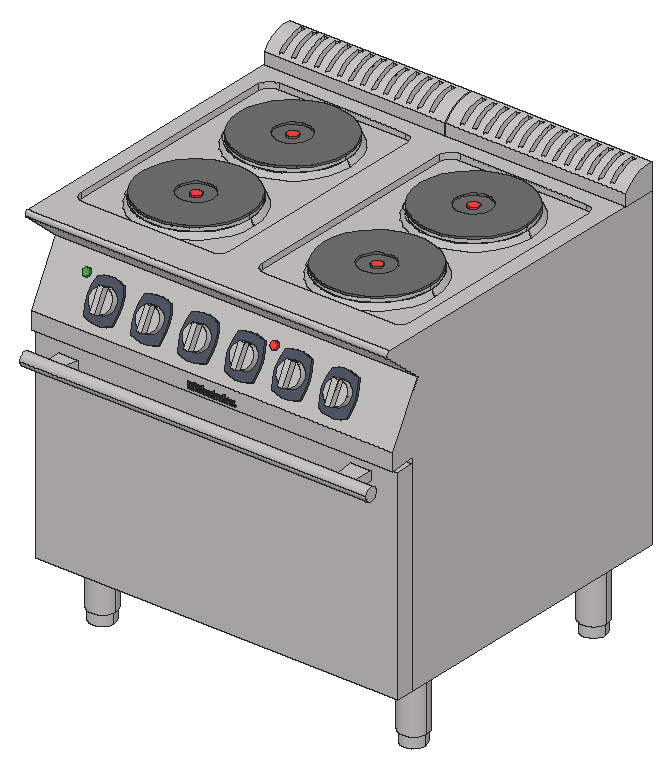
Revit family "QF_ELECTROLUXPROFESSIONAL_371148_E7ECMH4RE5", category Specialty Equipment, Revit 2018 (continued)
Automatic sketch dimensions
  Extrusion 10 sketch curve to Extrusion 10 sketch curve = 0.191 mm
  Extrusion 10 sketch curve to Extrusion 10 sketch curve = 3.696 mm
  Extrusion 10 sketch curve to Extrusion 10 sketch curve = 2.708 mm
  Extrusion 10 sketch curve to Extrusion 10 sketch curve = 3.333 mm
  Extrusion 10 sketch curve to Extrusion 10 sketch curve = 0.332 mm
  Extrusion 10 sketch curve to Extrusion 10 sketch curve = 1.087 mm
  Extrusion 10 sketch curve to Extrusion 10 sketch curve = 2.23 mm
  Extrusion 10 sketch curve to Extrusion 10 sketch curve = 2.757 mm
  Extrusion 10 sketch curve to Extrusion 10 sketch curve = 0.987 mm
  Extrusion 10 sketch curve to Extrusion 10 sketch curve = 1.529 mm
  Extrusion 10 sketch curve to Extrusion 10 sketch curve = 1.796 mm
  Extrusion 10 sketch curve to Extrusion 10 sketch curve = 2.859 mm
  Extrusion 10 sketch curve to Extrusion 10 sketch curve = 0.853 mm
  Extrusion 10 sketch curve to Extrusion 10 sketch curve = 1.241 mm
  Extrusion 10 sketch curve to Extrusion 10 sketch curve = 2.046 mm  (x2)
  Extrusion 10 sketch curve to Extrusion 10 sketch curve = 2.422 mm
  Extrusion 10 sketch curve to Extrusion 10 sketch curve = 0.27 mm  (x2)
  Extrusion 10 sketch curve to Extrusion 10 sketch curve = 0.69 mm
  Extrusion 10 sketch curve to Extrusion 10 sketch curve = 0.781 mm  (x2)
  Extrusion 10 sketch curve to Extrusion 10 sketch curve = 3.136 mm
  Extrusion 10 sketch curve to Extrusion 10 sketch curve = 1.767 mm
  Extrusion 10 sketch curve to Extrusion 10 sketch curve = 0.138 mm
  Extrusion 10 sketch curve to Extrusion 10 sketch curve = 0.777 mm
  Extrusion 10 sketch curve to Extrusion 10 sketch curve = 1.19 mm
  Extrusion 10 sketch curve to Extrusion 10 sketch curve = 0.782 mm
  Extrusion 10 sketch curve to Extrusion 10 sketch curve = 1.268 mm
  Extrusion 10 sketch curve to Extrusion 10 sketch curve = 0.422 mm  (x2)
  Extrusion 10 sketch curve to Extrusion 10 sketch curve = 1.559 mm
  Extrusion 10 sketch curve to Extrusion 10 sketch curve = 3.927 mm
  Extrusion 10 sketch curve to Extrusion 10 sketch curve = 0.983 mm
  Extrusion 10 sketch curve to Extrusion 10 sketch curve = 1.134 mm
  Extrusion 10 sketch curve to Extrusion 10 sketch curve = 0.094 mm
  Extrusion 10 sketch curve to Extrusion 10 sketch curve = 1.584 mm
  Extrusion 10 sketch curve to plane 7 "Center Y" = 1.327 mm
  Extrusion 10 sketch curve to Extrusion 10 sketch curve = 0.643 mm
  Extrusion 10 sketch curve to Extrusion 10 sketch curve = 0.916 mm
  Extrusion 10 sketch curve to Extrusion 10 sketch curve = 0.352 mm
  Extrusion 10 sketch curve to Extrusion 10 sketch curve = 0.458 mm
  Extrusion 10 sketch curve to Extrusion 10 sketch curve = 1.282 mm
  Extrusion 10 sketch curve to Extrusion 10 sketch curve = 1.363 mm
  Extrusion 10 sketch curve to Extrusion 10 sketch curve = 0.685 mm
  Extrusion 10 sketch curve to Extrusion 10 sketch curve = 0.905 mm
  Extrusion 10 sketch curve to Extrusion 10 sketch curve = 2.865 mm
  Extrusion 10 sketch curve to Extrusion 10 sketch curve = 0.472 mm
  Extrusion 10 sketch curve to Extrusion 10 sketch curve = 0.101 mm
  Extrusion 10 sketch curve to Extrusion 10 sketch curve = 0.54 mm
  Extrusion 10 sketch curve to Extrusion 10 sketch curve = 0.02 mm
  Extrusion 10 sketch curve to Extrusion 10 sketch curve = 0.468 mm
  Extrusion 10 sketch curve to Extrusion 10 sketch curve = 0.829 mm
  Extrusion 10 sketch curve to Extrusion 10 sketch curve = 0.582 mm
  Extrusion 10 sketch curve to Extrusion 10 sketch curve = 0.166 mm
  Extrusion 10 sketch curve to Extrusion 10 sketch curve = 0.16 mm
  Extrusion 10 sketch curve to Extrusion 10 sketch curve = 2.781 mm
  Extrusion 10 sketch curve to Extrusion 10 sketch curve = 1.118 mm
  Extrusion 10 sketch curve to Extrusion 10 sketch curve = 0.613 mm
  Extrusion 10 sketch curve to Extrusion 10 sketch curve = 0.361 mm
  Extrusion 10 sketch curve to Extrusion 10 sketch curve = 0.897 mm
  Extrusion 10 sketch curve to Extrusion 10 sketch curve = 0.167 mm
  Extrusion 10 sketch curve to Extrusion 10 sketch curve = 0.292 mm
  Extrusion 10 sketch curve to Extrusion 10 sketch curve = 0.305 mm
  Extrusion 10 sketch curve to Extrusion 10 sketch curve = 1.557 mm
  Extrusion 10 sketch curve to Extrusion 10 sketch curve = 2.499 mm
  Extrusion 10 sketch curve to Extrusion 10 sketch curve = 3.062 mm
  Extrusion 10 sketch curve to Extrusion 10 sketch curve = 2.968 mm
  Extrusion 10 sketch curve to Extrusion 10 sketch curve = 5.044 mm
  Extrusion 10 sketch curve to Extrusion 10 sketch curve = 0.629 mm  (x2)
  Extrusion 10 sketch curve to Extrusion 10 sketch curve = 1.131 mm
  Extrusion 10 sketch curve to Extrusion 10 sketch curve = 0.027 mm
  Extrusion 10 sketch curve to Extrusion 10 sketch curve = 2.235 mm
  Extrusion 1 sketch curve to plane 5 "FRONT" = 83.331 mm
  Extrusion 16 sketch curve to plane 10 = 0 mm
  Extrusion 16 sketch curve to plane 5 "FRONT" = 30.162 mm
  plane 10 to Extrusion 16 sketch curve = 1.281 mm
  plane 5 "FRONT" to Extrusion 16 sketch curve = 379.413 mm
  Extrusion 1 sketch curve to Extrusion 1 sketch curve = 159.719 mm
  Extrusion 1 sketch curve to Extrusion 1 sketch curve = 5.61 mm
  Extrusion 8 sketch curve to plane 9 "TOP A" = 276.291 mm
  plane 7 "Center Y" to Extrusion 10 sketch curve = 19.326 mm
  Extrusion 10 sketch curve to plane 9 "TOP A" = 240.749 mm
  Extrusion 10 sketch curve to Extrusion 10 sketch curve = 0.019 mm
  Extrusion 10 sketch curve to Extrusion 10 sketch curve = 4.098 mm
  Extrusion 16 sketch curve to Extrusion 16 sketch curve = 42.109 mm
  plane 5 "FRONT" to Extrusion 2 sketch curve = 0 mm  (x2)
  plane 1 "BACK" to Extrusion 2 sketch curve = 0 mm
  Extrusion 2 sketch curve to plane 3 "LEFT" = 0 mm
  Extrusion 2 sketch curve to plane 4 "RIGHT" = 0 mm
  Extrusion 2 sketch curve to plane 3 "LEFT" = 150.019 mm
  plane 4 "RIGHT" to Extrusion 2 sketch curve = 150.019 mm
  Extrusion 2 sketch curve to plane 1 "BACK" = 150.019 mm
  curve 6 to plane 4 "RIGHT" = 0 mm
  plane 5 "FRONT" to curve 20 = 0 mm
  curve 38 to plane 7 "Center Y" = 0 mm
  curve 16 to plane 7 "Center Y" = 0 mm
  curve 11 to plane 3 "LEFT" = 0 mm
  curve 7 to plane 3 "LEFT" = 0 mm
  plane 1 "BACK" to curve 6 = 0 mm
  plane 4 "RIGHT" to curve 3 = 150.019 mm
  plane 5 "FRONT" to curve 17 = 8.513 mm
  curve 17 to plane 4 "RIGHT" = 17.7 mm
  plane 1 "BACK" to curve 96 = 6.761 mm
  curve 96 to plane 4 "RIGHT" = 29.703 mm
  curve 32 to plane 4 "RIGHT" = 35.025 mm
  curve 95 to curve 95 = 9.296 mm
  plane 1 "BACK" to curve 99 = 6.761 mm
  curve 95 to curve 99 = 16.193 mm
  curve 33 to curve 33 = 25.4 mm
  curve 31 to curve 30 = 25.4 mm
  curve 15 to curve 20 = 43.281 mm
  curve 100 to curve 101 = 9.296 mm
  curve 101 to curve 105 = 16.193 mm
  curve 104 to curve 105 = 9.296 mm
  curve 20 to curve 21 = 36.854 mm
  curve 21 to curve 21 = 1.571 mm
  plane 1 "BACK" to curve 107 = 6.761 mm
  curve 103 to curve 107 = 16.193 mm
  curve 108 to curve 109 = 9.296 mm
  plane 1 "BACK" to curve 111 = 6.761 mm
  curve 107 to curve 111 = 16.193 mm
  curve 111 to curve 114 = 9.296 mm
  plane 1 "BACK" to curve 115 = 6.761 mm
  curve 111 to curve 115 = 16.193 mm
  curve 115 to curve 115 = 9.296 mm
  plane 1 "BACK" to curve 119 = 6.761 mm
  curve 115 to curve 119 = 16.193 mm
  curve 119 to curve 119 = 9.296 mm
  plane 1 "BACK" to curve 123 = 6.761 mm
  curve 119 to curve 123 = 16.193 mm
  curve 123 to curve 123 = 9.296 mm
  curve 125 to curve 128 = 16.193 mm
  curve 128 to curve 129 = 9.296 mm
  curve 129 to curve 133 = 16.193 mm
  curve 132 to curve 133 = 9.296 mm
  plane 1 "BACK" to curve 135 = 6.761 mm
  curve 131 to curve 135 = 16.193 mm
  curve 135 to curve 138 = 9.296 mm
  curve 137 to curve 141 = 16.193 mm
  curve 140 to curve 141 = 9.296 mm
  curve 141 to curve 144 = 16.193 mm
  curve 144 to curve 37 = 4.062 mm
  plane 7 "Center Y" to curve 34 = 60.425 mm
  curve 143 to curve 143 = 9.296 mm
  plane 1 "BACK" to curve 147 = 6.761 mm
  curve 143 to curve 147 = 16.193 mm
  curve 35 to curve 35 = 25.4 mm
  curve 148 to curve 150 = 9.296 mm
  plane 1 "BACK" to curve 91 = 6.761 mm
  curve 91 to plane 7 "Center Y" = 29.703 mm
  curve 24 to plane 7 "Center Y" = 35.025 mm
  curve 91 to curve 91 = 9.296 mm
  plane 1 "BACK" to curve 90 = 6.761 mm
  curve 91 to curve 90 = 16.193 mm
  curve 23 to curve 23 = 25.4 mm
  curve 25 to curve 25 = 25.4 mm
  curve 89 to curve 89 = 9.296 mm
  plane 1 "BACK" to curve 83 = 6.761 mm
  curve 87 to curve 83 = 16.193 mm
  curve 85 to curve 85 = 9.296 mm
  plane 1 "BACK" to curve 79 = 6.761 mm
  curve 83 to curve 79 = 16.193 mm
  curve 79 to curve 80 = 9.296 mm
  plane 1 "BACK" to curve 78 = 6.761 mm
  curve 79 to curve 78 = 16.193 mm
  curve 75 to curve 76 = 9.296 mm
  curve 76 to curve 73 = 16.193 mm
  curve 71 to curve 72 = 9.296 mm
  curve 72 to curve 70 = 16.193 mm
  curve 69 to curve 68 = 9.296 mm
  curve 68 to curve 66 = 16.193 mm
  curve 65 to curve 64 = 9.296 mm
  curve 64 to curve 62 = 16.193 mm
  curve 61 to curve 60 = 9.296 mm
  plane 1 "BACK" to curve 58 = 6.761 mm
  curve 59 to curve 58 = 16.193 mm
  curve 57 to curve 56 = 9.296 mm
  plane 1 "BACK" to curve 54 = 6.761 mm
  curve 55 to curve 54 = 16.193 mm
  curve 53 to curve 52 = 9.296 mm
  curve 19 to curve 5 = 99.406 mm
  curve 19 to curve 19 = 1.571 mm
  plane 1 "BACK" to curve 50 = 6.761 mm
  curve 51 to curve 50 = 16.193 mm
  curve 47 to curve 47 = 9.296 mm
  curve 48 to curve 46 = 16.193 mm
  curve 19 to curve 18 = 36.854 mm
  curve 45 to curve 29 = 4.062 mm
  plane 3 "LEFT" to curve 26 = 60.425 mm
  curve 45 to curve 44 = 9.296 mm
  curve 44 to curve 41 = 16.193 mm
  curve 27 to curve 27 = 25.4 mm
  curve 41 to curve 41 = 9.296 mm
  plane 3 "LEFT" to curve 17 = 17.7 mm
  plane 5 "FRONT" to curve 1 = 1.377 mm
  curve 1 to plane 3 "LEFT" = 150.019 mm
  curve 1 to plane 1 "BACK" = 150.019 mm
  plane 1 "BACK" to curve 146 = 6.761 mm
  plane 1 "BACK" to curve 142 = 6.761 mm
  plane 1 "BACK" to curve 134 = 6.761 mm
  plane 1 "BACK" to curve 130 = 6.761 mm
  plane 1 "BACK" to curve 106 = 6.761 mm
  plane 1 "BACK" to curve 39 = 6.761 mm
  plane 1 "BACK" to curve 74 = 6.761 mm
  plane 1 "BACK" to curve 43 = 6.761 mm
  plane 1 "BACK" to curve 70 = 6.761 mm
  plane 1 "BACK" to curve 66 = 6.761 mm
  plane 1 "BACK" to curve 62 = 6.761 mm
  curve 38 to curve 16 = 63.012 mm
  curve 4 to curve 7 = 63.012 mm
  curve 55 to curve 58 = 57.15 mm
  curve 54 to curve 56 = 0 mm
  curve 57 to curve 60 = 0 mm
  curve 50 to curve 52 = 0 mm
  curve 61 to curve 64 = 0 mm
  curve 46 to curve 48 = 0 mm
  curve 65 to curve 68 = 0 mm
  curve 42 to curve 44 = 0 mm
  curve 69 to curve 72 = 0 mm
  curve 16 to curve 149 = 0.898 mm
  curve 73 to curve 76 = 0 mm
  curve 148 to curve 146 = 0 mm
  curve 77 to curve 80 = 0 mm
  curve 144 to curve 142 = 0 mm
  curve 81 to curve 84 = 0 mm
  curve 140 to curve 138 = 0 mm
  curve 85 to curve 88 = 0 mm
  curve 136 to curve 134 = 0 mm
  curve 89 to curve 92 = 0 mm
  curve 132 to curve 130 = 0 mm
  curve 95 to curve 96 = 57.15 mm
  curve 100 to curve 97 = 0 mm
  curve 128 to curve 126 = 0 mm
  curve 104 to curve 101 = 0 mm
  curve 124 to curve 122 = 0 mm
  curve 108 to curve 105 = 0 mm
  curve 120 to curve 118 = 0 mm
  curve 112 to curve 109 = 0 mm
  curve 96 to curve 9 = 5.939 mm
  curve 7 to curve 9 = 0 mm
  curve 144 to curve 30 = 40.974 mm
  curve 45 to curve 22 = 40.974 mm
  curve 28 to plane 5 "FRONT" = 110.765 mm
  curve 24 to curve 36 = 0 mm
  plane 5 "FRONT" to curve 3 = 1.377 mm
  curve 15 to curve 15 = 28 mm
  curve 14 to curve 11 = 342.9 mm
  Revolve 4 sketch curve to level = 0 mm
  Revolve 4 sketch curve to plane 10 = 0 mm  (x2)
  level to Revolve 4 sketch curve = 25 mm
  Revolve 4 sketch curve to Revolve 4 sketch curve = 20 mm
  Revolve 4 sketch curve to plane 4 "RIGHT" = 26 mm
  Revolve 4 sketch curve to Revolve 4 sketch curve = 3.75 mm
  Revolve 4 sketch curve to Revolve 4 sketch curve = 30 mm
  Revolve 4 sketch curve to Revolve 4 sketch curve = 0 mm
  Revolve 6 sketch curve to level = 0 mm
  Revolve 6 sketch curve to plane 10 = 0 mm  (x2)
  level to Revolve 6 sketch curve = 25 mm
  plane 10 to Revolve 6 sketch curve = 20 mm
  Revolve 6 sketch curve to plane 4 "RIGHT" = 26 mm
  Revolve 6 sketch curve to Revolve 6 sketch curve = 3.75 mm
  Revolve 6 sketch curve to Revolve 6 sketch curve = 30 mm
  Revolve 6 sketch curve to Revolve 6 sketch curve = 0 mm
  Extrusion 9 sketch curve to plane 5 "FRONT" = 30.162 mm
  Extrusion 9 sketch curve to plane 4 "RIGHT" = 60.981 mm
  Extrusion 9 sketch curve to Extrusion 9 sketch curve = 33.993 mm
  Extrusion 9 sketch curve to Extrusion 9 sketch curve = 43.993 mm
  Extrusion 9 sketch curve to plane 5 "FRONT" = 17.462 mm
  plane 3 "LEFT" to Extrusion 9 sketch curve = 102.63 mm
  Extrusion 9 sketch curve to Extrusion 9 sketch curve = 7.656 mm
  Extrusion 9 sketch curve to Extrusion 9 sketch curve = 41.649 mm
  plane 5 "FRONT" to Extrusion 9 sketch curve = 24.013 mm  (x2)
  Extrusion 1 to Extrusion 11 sketch curve = 0 mm
  Extrusion 11 sketch curve to Extrusion 1 = 0 mm  (x2)
  Extrusion 1 to Extrusion 11 sketch curve = 12.7 mm
  Extrusion 1 to Extrusion 15 sketch curve = 40.417 mm
  Extrusion 1 to Extrusion 15 sketch curve = 85.751 mm
  Extrusion 32 sketch curve to plane 9 "TOP A" = 0 mm
  Extrusion 32 sketch curve to plane 1 "BACK" = 0 mm
  Extrusion 32 sketch curve to plane 6 "TOP" = 0 mm
  plane 1 "BACK" to Extrusion 32 sketch curve = 4.947 mm
  plane 9 "TOP A" to Extrusion 32 sketch curve = 25.4 mm
  plane 1 "BACK" to Extrusion 32 sketch curve = 69.85 mm
  Extrusion 1 to Extrusion 33 sketch curve = 6.761 mm  (x14)
  Extrusion 33 sketch curve to Extrusion 33 sketch curve = 57.15 mm
  Extrusion 33 sketch curve to Extrusion 33 sketch curve = 0 mm  (x13)
  Extrusion 1 to Extrusion 33 sketch curve = 29.703 mm
  Extrusion 33 sketch curve to Extrusion 33 sketch curve = 9.296 mm  (x14)
  Extrusion 33 sketch curve to Extrusion 33 sketch curve = 16.193 mm  (x13)
  Extrusion 1 to Extrusion 34 sketch curve = 35.025 mm
  Extrusion 34 sketch curve to Extrusion 34 sketch curve = 25.4 mm  (x6)
  Extrusion 34 sketch curve to Extrusion 34 sketch curve = 279.2 mm  (x2)
  Extrusion 34 sketch curve to Extrusion 1 = 103.443 mm
  Extrusion 34 sketch curve to Extrusion 34 sketch curve = 70.05 mm
  Extrusion 1 to Extrusion 34 sketch curve = 60.425 mm  (x2)
  Extrusion 34 sketch curve to Extrusion 1 = 78.043 mm
  Extrusion 1 to Extrusion 34 sketch curve = 130.285 mm
  Extrusion 34 sketch curve to Extrusion 34 sketch curve = 0 mm
  Extrusion 35 sketch curve to plane 9 "TOP A" = 0 mm
  Extrusion 35 sketch curve to plane 1 "BACK" = 0 mm
  Extrusion 35 sketch curve to plane 6 "TOP" = 0 mm
  plane 1 "BACK" to Extrusion 35 sketch curve = 4.947 mm
  plane 9 "TOP A" to Extrusion 35 sketch curve = 25.4 mm
  plane 1 "BACK" to Extrusion 35 sketch curve = 69.85 mm
  Extrusion 1 to Extrusion 36 sketch curve = 6.761 mm  (x14)
  Extrusion 36 sketch curve to Extrusion 36 sketch curve = 57.15 mm
  Extrusion 36 sketch curve to Extrusion 36 sketch curve = 0 mm  (x13)
  Extrusion 1 to Extrusion 36 sketch curve = 370.347 mm
  Extrusion 36 sketch curve to Extrusion 36 sketch curve = 9.296 mm  (x14)
  Extrusion 36 sketch curve to Extrusion 36 sketch curve = 16.193 mm  (x13)
  Extrusion 1 to Extrusion 37 sketch curve = 40.417 mm
  Extrusion 1 to Extrusion 37 sketch curve = 298.99 mm
  radius of Extrusion 13 sketch curve = 25.4 mm
  radius of Extrusion 14 sketch curve to Extrusion 13 = 0 mm  (x2)
  radius of Extrusion 18 sketch curve = 25.4 mm
  radius of Extrusion 19 sketch curve to Extrusion 18 = 0 mm  (x2)
  radius of Extrusion 21 sketch curve = 25.4 mm
  radius of Extrusion 22 sketch curve to Extrusion 21 = 0 mm  (x2)
  radius of Extrusion 24 sketch curve = 25.4 mm
  radius of Extrusion 25 sketch curve to Extrusion 24 = 0 mm  (x2)
  radius of Extrusion 27 sketch curve = 25.4 mm
  radius of Extrusion 28 sketch curve to Extrusion 27 = 0 mm  (x2)
  radius of Extrusion 30 sketch curve = 25.4 mm
  radius of Extrusion 31 sketch curve to Extrusion 30 = 0 mm  (x2)
  radius of Extrusion 8 sketch curve = 14 mm
  radius of Extrusion 7 sketch curve = 12.7 mm
  radius of Extrusion 15 sketch curve = 8 mm
  radius of Extrusion 37 sketch curve = 8 mm
Nested families
  nested 1: "371128_QF_Electrolux_HOT PLATES" at (72.525, -113.898, 838.3), type "371128_QF_Electrolux_HOT PLATES"
    with Type Mark "", Specification by User "", Revision Code "", Item Number "", Installed By "", Identify Quantity as Lot yes, Furnished By "", Foodservice Equipment Identifier yes
  nested 2: "371128_QF_Electrolux_HOT PLATES" at (72.525, -635.872, 838.3), type "371128_QF_Electrolux_HOT PLATES"
    with Type Mark "", Specification by User "", Revision Code "", Item Number "", Installed By "", Identify Quantity as Lot yes, Furnished By "", Foodservice Equipment Identifier yes
  nested 3: "371128_QF_Electrolux_HOT PLATES" at (727.575, -113.898, 838.3) x (-1, 0, 0) z (0, 0, 1), type "371128_QF_Electrolux_HOT PLATES"
    with Type Mark "", Specification by User "", Revision Code "", Item Number "", Installed By "", Identify Quantity as Lot yes, Furnished By "", Foodservice Equipment Identifier yes
  nested 4: "371128_QF_Electrolux_HOT PLATES" at (727.575, -635.872, 838.3) x (-1, 0, 0) z (0, 0, 1), type "371128_QF_Electrolux_HOT PLATES"
    with Type Mark "", Specification by User "", Revision Code "", Item Number "", Installed By "", Identify Quantity as Lot yes, Furnished By "", Foodservice Equipment Identifier yes
Connectors
  electrical at (752.475, -512.762, 150), driven by "Volts"
    settings: on Extrusion 7, index 1, voltage 400 V, apparent load 16400 VA, apparent load phase1 0 VA, apparent load phase2 0 VA, apparent load phase3 0 VA, power factor 1, load classification "Other", number of poles 1, system type 30, power factor state 1, is connector primary yes, connector utility no, sub classification motor no, connector description "Electrical Connection"
Definition of nested family "371128_QF_Electrolux_HOT PLATES"
  Parameters
    Width = 255 mm  # constant formula
    Weight in Pounds = 0
    URL Cutsheet = ""
    URL = ""
    Type Mark [instance] = ""
    Specification by User [instance] = ""
    Specification by Manufacturer = ""
    Serial Number = ""
    Seismic Rating = ""
    SMACNA No = ""
    Revision Code [instance] = ""
    Omniclass Number and Title = ""
    NAFEM Spec ID Number = ""
    Model = ""
    Masterspec = ""
    Manufacturer = ""
    Item Number [instance] = ""
    Installed By [instance] = ""
    Identify Quantity as Lot [instance] = yes
    Height = 23 mm  # constant formula
    Furnished By [instance] = ""
    Foodservice Equipment Identifier [instance] = yes
    Description = ""
    Depth = 255 mm  # constant formula
    CSI MasterFormat = ""
    CSI Master Format = ""
    Assembly Code = ""
  Reference planes
    plane 1 "BACK": y = 0
    plane 2: z = 0
    plane 3 "LEFT": x = 0
    plane 4 "RIGHT": x = 255
    plane 5 "FRONT": y = -255
    plane 6 "TOP": z = 23
    plane 7 "Center Y": x = 127.5
    plane 8 "Center X": y = -127.5
  Forms (mm)
    Extrusion 1, solid
      sketch origin (-72.525, 113.875, 19.181) x (1, 0, 0) y (0, 1, 0)
        loop
          circle (200.025, -241.375) r 117.925
        loop
          circle (200.025, -241.375) r 38.208
      from 0 to 3.819
    Extrusion 2, solid
      sketch origin (-72.525, 113.875, 19.181) x (1, 0, 0) y (0, 1, 0)
        loop
          circle (200.025, -241.375) r 11.669
      from 0 to 1.964
    Extrusion 3, solid
      sketch origin (-72.525, 113.875, 12.7) x (1, 0, 0) y (0, 1, 0)
        loop
          circle (200.025, -241.375) r 38.208
      from 0 to 6.481
    Blend 4, solid
      base sketch origin (-72.525, 113.875, 0) x (1, 0, 0) y (0, 1, 0)
        loop
          circle (200.025, -241.375) r 127.548
      top sketch origin (-72.525, 113.875, 0) x (1, 0, 0) y (0, 1, 0)
        loop
          circle (200.025, -241.375) r 120.402
      from 0 to 11.731
    Extrusion 5, solid
      sketch origin (-72.525, 113.875, 11.731) x (1, 0, 0) y (0, 1, 0)
        loop
          circle (200.025, -241.375) r 117.925
        loop
          circle (200.025, -241.375) r 39.808
      from 0 to 7.45
  Lines and regions (mm)
    symbolic lines
      curve 1: circle (127.5, -127.5, 0) r 11.669 normal (0, 0, 1)
      curve 2: circle (127.5, -127.5, 0) r 38.208 normal (0, 0, 1)
      curve 3: circle (127.5, -127.5, 0) r 120.402 normal (0, 0, 1)
      curve 4: circle (127.5, -127.5, 0) r 127.548 normal (0, 0, 1)
  Dimensions and locks
    equal spacing: plane 3 "LEFT", plane 7 "Center Y", plane 4 "RIGHT"
    "Width": plane 3 "LEFT" to plane 4 "RIGHT"
    equal spacing: plane 5 "FRONT", plane 8 "Center X", plane 1 "BACK"
    "Depth": plane 5 "FRONT" to plane 1 "BACK"
    plane 1 "BACK" to plane 5 "FRONT" = 255 mm
    "Height": plane 6 "TOP" to level
    aligned and locked: level to plane 2
  Automatic sketch dimensions
    Extrusion 3 sketch curve to plane 7 "Center Y" = 0 mm
    Extrusion 3 sketch curve to plane 8 "Center X" = 0 mm
    Blend 4 sketch curve to plane 7 "Center Y" = 0 mm  (x2)
    Blend 4 sketch curve to plane 8 "Center X" = 0 mm  (x2)
    curve 1 to curve 2 = 0 mm  (x2)
    curve 1 to curve 3 = 0 mm  (x2)
    curve 1 to curve 4 = 0 mm  (x2)
    curve 2 to curve 3 = 0 mm  (x2)
    curve 2 to curve 4 = 0 mm  (x2)
    curve 3 to curve 4 = 0 mm  (x2)
    curve 2 to plane 7 "Center Y" = 0 mm
    curve 2 to plane 8 "Center X" = 0 mm
    radius of Extrusion 1 sketch curve to Extrusion 5 = 0 mm
    radius of Extrusion 1 sketch curve to Extrusion 5 = 1.6 mm
    radius of Extrusion 2 sketch curve to Extrusion 3 = 26.539 mm
    radius of Extrusion 3 sketch curve = 38.208 mm
    radius of Blend 4 sketch curve = 127.548 mm
    radius of Blend 4 sketch curve = 120.402 mm
    radius of Extrusion 5 sketch curve to Blend 4 = 2.478 mm
    radius of Extrusion 5 sketch curve to Blend 4 = 80.594 mm
    radius of curve 1 = 11.669 mm
    radius of curve 2 = 38.208 mm
    radius of curve 3 = 120.402 mm
    radius of curve 4 = 127.548 mm
